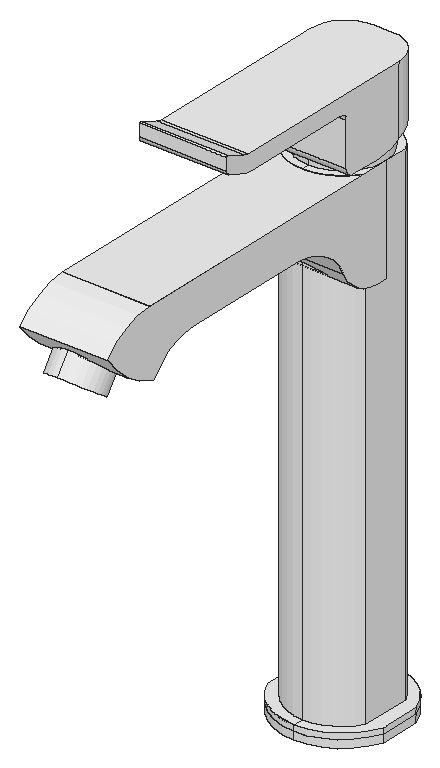
Revit family "TH1025551_Grifería para Lavamanos Monocontrol Thames Alta", category Plumbing Fixtures, Revit 2019
Family settings
  Round Connector Dimension = Use Diameter
  Part Type = Normal
  OmniClass Number = 23.21.21.19
  OmniClass Title = Commercial Dishwasher Equipment
  Work Plane-Based = No
  Always vertical = Yes
  Cut with Voids When Loaded = No
  Shared = No
  Room Calculation Point = No
Parameters
  Uso = "Residencial"  # constant formula
  URL = "https://corona.co/productos/griferias/griferia-para-lavamanos-thames/p/TH1025551"
  Tipo de manija/accionamiento = "Palanca"  # constant formula
  Tipo de grifería = "Monocontrol"  # constant formula
  Tipo de chorro = "Espumoso"  # constant formula
  Temperatura de uso = "Entre 5˚C y 71˚C"  # constant formula
  Tecnologías = "DuraCrome"  # constant formula
  Sistema de accionamiento = "Palanca"  # constant formula
  ResisteResistencia = "Resistente a la corrosión pelado y decoloración por agua. Resistente al efecto de jabones y limpiadores de tocador"  # constant formula
  Rango de presión de agua = "Entre 20 y 125 psi"  # constant formula
  Productos compatibles = "Lavamanos tipo vessel"  # constant formula
  Materiales = "Metalico"  # constant formula
  Material = Corona_Cromado
  Línea = "Thames"  # constant formula
  Largo = "14.2 cm"  # constant formula
  Incluye = "Cuerpo, Manija"  # constant formula
  Garantías de otros componentes = "5 años en acabados"  # constant formula
  Garantía = "30 años en estructura"  # constant formula
  Fecha de creación = "27/07/2020"  # constant formula
  Description = "La línea Thames posee un diseño que combina formas redondas y cuadradas; además, entrega a los ambientes un toque de elegancia y distinción. ¡Adquiérela ahora!"  # constant formula
  Creado por = "IDD"  # constant formula
  Consumo de agua = "8.3 lt"  # constant formula
  Colección = "Vida 2015"  # constant formula
  Capacidad de flujo = "8.30 l/m máximo a 60 psi"  # constant formula
  Ancho = "5.2 cm"  # constant formula
  Altura de la grifería = "Alta"  # constant formula
  Alto = "25.05 cm"  # constant formula
  Acabado = "Cromado"  # constant formula
Reference planes
  plane 1 "Center (Front/Back)": y = 0
  plane 2: z = 0
  plane 3 "Center (Left/Right)": x = 0
Forms (mm)
  Revolve 1, solid, material "Corona_Cromado", detail levels medium+fine
    sketch origin (0, 0, 0) x (0, 1, 0) y (0, 0, 1)
      loop
        line (0, 3.384) -> (0, 5.816) -> (-25.819, 5.816) -> (-25.819, 3.384) -> (0, 3.384)
      axis (0, 3.384) -> (0, 5.816)
    angle from 0 to 360
  Revolve 2, solid, material "Corona_Cromado", detail levels medium+fine
    sketch origin (0, 0, 0) x (0, 1, 0) y (0, 0, 1)
      loop
        arc (18, 214.986) -> (17.431, 220.284) -> (14.617, 224.81) r 11.964
        line (14.617, 224.81) -> (0, 224.81) -> (0, 5.816) -> (21.25, 5.816) -> (21.25, 214.986) -> (18, 214.986)
      axis (0, 224.81) -> (0, 5.816)
    angle from 0 to 360
  Extrusion 3, void
    sketch origin (0, 0, 0) x (1, 0, 0) y (0, 0, 1)
      loop
        line (-18.468, 214.986) -> (-35.194, 214.986) -> (-35.194, 0) -> (-24.322, 0) -> (-24.322, 5.816) -> (-18.468, 5.816) -> (-18.468, 214.986)
    from -25.601 to 33.492
  Extrusion 4, void
    sketch origin (0, 0, 0) x (-1, 0, 0) y (0, 0, -1)
      loop
        line (-18.468, -214.986) -> (-18.468, -5.816) -> (-24.322, -5.816) -> (-24.322, 0) -> (-35.194, 0) -> (-35.194, -214.986) -> (-18.468, -214.986)
    from -25.601 to 47.28
  Extrusion 5, solid, material "Corona_Cromado", detail levels medium+fine
    sketch origin (0, 0, 0) x (0, 1, 0) y (0, 0, 1)
      loop
        line (4.711, 219.681) -> (20.979, 227.267) -> (20.979, 249.785) -> (-72.851, 249.785)
        arc (-72.851, 249.785) -> (-73.999, 249.895) -> (-75.105, 250.223) r 6.015
        line (-75.105, 250.223) -> (-83.292, 253.531)
        arc (-83.292, 253.531) -> (-83.854, 253.64) -> (-84.416, 253.531) r 1.5
        line (-84.416, 253.531) -> (-84.416, 248.204)
        arc (-84.416, 248.204) -> (-84.096, 247.155) -> (-83.244, 246.465) r 1.875
        line (-83.244, 246.465) -> (-77.423, 244.114)
        arc (-77.423, 244.114) -> (-74.034, 243.11) -> (-70.517, 242.771) r 18.434
        line (-70.517, 242.771) -> (-25.147, 242.771) -> (-24.049, 242.771)
        arc (-24.049, 242.771) -> (-21.954, 241.904) -> (-21.087, 239.809) r 2.962
        line (-21.087, 239.809) -> (-21.087, 221.35)
        arc (-21.087, 221.35) -> (-20.039, 218.819) -> (-17.508, 217.771) r 3.579
        line (-17.508, 217.771) -> (-3.905, 217.771)
        arc (-3.905, 217.771) -> (0.508, 218.255) -> (4.711, 219.681) r 20.388
    from -18.468 to 18.468
  Extrusion 6, solid, material "Corona_Cromado", detail levels medium+fine
    sketch origin (0, 0, 0.469) x (0, 1, 0) y (0, 0, 1)
      loop
        line (-125.266, 214.517) -> (0, 214.517) -> (0, 169.986) -> (-4.485, 169.986)
        arc (-4.485, 169.986) -> (-15.19, 173.092) -> (-22.57, 181.446) r 20
        arc (-22.57, 181.446) -> (-32.473, 192.657) -> (-46.839, 196.826) r 26.839
        line (-46.839, 196.826) -> (-101.839, 196.826)
        arc (-101.839, 196.826) -> (-109.216, 195.787) -> (-116.02, 192.754) r 26.731
        line (-116.02, 192.754) -> (-123.08, 185.694)
        arc (-123.08, 185.694) -> (-136.952, 192.421) -> (-147.736, 203.44) r 44.951
        arc (-147.736, 203.44) -> (-137.596, 211.166) -> (-125.266, 214.4) r 32.519
    from -18.468 to 18.468
  Extrusion 7, void
    sketch origin (0, 0, 0) x (1, 0, 0) y (0, 1, 0)
      loop
        line (-3.468, 20.979) -> (4.377, 20.979)
        arc (4.377, 20.979) -> (14.341, 16.852) -> (18.468, 6.888) r 14.091
        line (18.468, 6.888) -> (18.468, 0) -> (25.727, 0) -> (25.727, 23.839) -> (-26.458, 23.839) -> (-26.458, 0) -> (-18.468, 0) -> (-18.468, 5.979)
        arc (-18.468, 5.979) -> (-14.074, 16.586) -> (-3.468, 20.979) r 15
    from 214.986 to 250
  Revolve 8, solid, material "Corona_Cromado", detail levels medium+fine
    sketch origin (0, 0, 0) x (0, 1, 0) y (0, 0, 1)
      loop
        line (-150.663, 192.253) -> (-149.283, 191.287) -> (-148.425, 192.513) -> (-146.818, 194.807) -> (-139.024, 189.349) -> (-134.57, 195.711) -> (-144.344, 201.278) -> (-150.663, 192.253)
      axis (-134.57, 195.711) -> (-141.489, 185.829)
    angle from 0 to 360
  Extrusion 9, solid, material "Corona_Cromado", detail levels coarse
    sketch origin (0, 0, 0) x (0, 1, 0) y (0, 0, 1)
      loop
        line (25.819, 0) -> (25.819, 254.375) -> (-151.993, 254.375) -> (-151.993, 0) -> (25.819, 0)
    from -24.322 to 24.322
  Extrusion 10, solid, material "Corona_Cromado"
    sketch origin (0, 0, 0) x (1, 0, 0) y (0, 1, 0)
      loop
        arc (-24.322, -8.665) -> (-14.881, -21.099) -> (0, -25.819) r 25.819
        arc (0, -25.819) -> (14.881, -21.099) -> (24.322, -8.665) r 25.819
        line (24.322, -8.665) -> (24.322, 8.665)
        arc (24.322, 8.665) -> (14.881, 21.099) -> (0, 25.819) r 25.819
        arc (0, 25.819) -> (-14.881, 21.099) -> (-24.322, 8.665) r 25.819
        line (-24.322, 8.665) -> (-24.322, -8.665)
    from 3.384 to 0
Cuts and joins
  Extrusion 3, Extrusion 4, Extrusion 7 cuts Revolve 1
  Extrusion 3, Extrusion 4, Extrusion 7 cuts Revolve 2
  Extrusion 7 cuts Extrusion 5
Dimensions and locks
  aligned and locked: level to plane 2
  aligned and locked: cut or joined group of Revolve 1, Extrusion 3, Extrusion 4, Extrusion 7 to Revolve 2 sketch curve
Nested families
  nested 1: "Family2" at (0, 0, 0) x (0, -1, 0) z (1, 0, 0), type "Family2"
  nested 2: "Family3" at (0, 0, 0) x (1, 0, 0) z (0, -1, 0), type "Family3"
  nested 3: "Family4" at (0, 0, 0), type "Family4"
Connectors
  piping at (0, 0, 0), diameter 12
    settings: on Extrusion 10, index 1, connector inside diameter 609.6 mm, connector length 0 mm, flow factor 0, pipe flow 0.0 L/s, pressure drop 0.0 Pa, fitting loss kfactor 0, connector angle 0.00°, fixture units 0, engagement length 0 mm, angle of deflection 0.00°, flow configuration 0, flow direction 0, fitting loss method 0, system type 7, joint type 0, gender type 0, connector reference index -1, connector utility 0, adjustable connector no, is connector primary yes, connector description ""
Definition of nested family "Family2"
  Reference planes
    plane 1 "Center (Front/Back)": y = 0
    plane 2: z = 0
    plane 3 "Center (Left/Right)": x = 0
  Lines and regions (mm)
    detail lines, in view "Ref. Level"
      curve 1: line (-21.055, 6.344, 0) -> (21.838, 6.344, 0)
Definition of nested family "Family3"
  Reference planes
    plane 1 "Center (Front/Back)": y = 0
    plane 2: z = 0
    plane 3 "Center (Left/Right)": x = 0
Definition of nested family "Family4"
  Reference planes
    plane 1 "Center (Front/Back)": y = 0
    plane 2: z = 0
    plane 3 "Center (Left/Right)": x = 0
